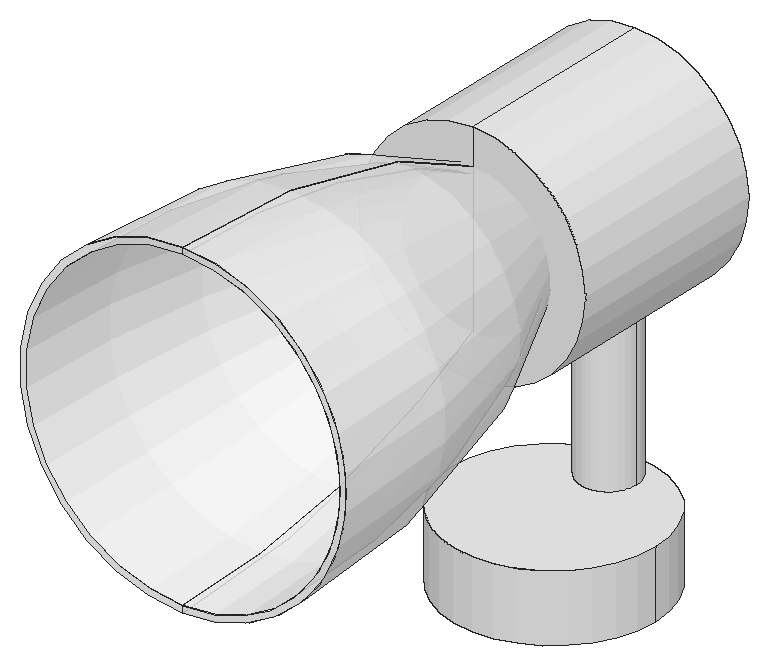
Revit family "Lighting_Wall-Mounted_Zero_Droppen_Wall", category Lighting Fixtures, host Face, Revit 2020
Family settings
  Host = Face
  Round Connector Dimension = Use Diameter
  Part Type = Normal
  OmniClass Number = 23.80.70.00
  OmniClass Title = Lighting
  Cut with Voids When Loaded = No
  Light Source = Yes
  Shared = No
  Room Calculation Point = No
Parameters (values of type "LED 8W Opal")
  Youtube clip = ""
  Weight Net (Kg) = "1.2"
  Wattage = 2.92847 W
  WarrantyStartDate [instance] = "n/a"
  WarrantyGuarantorParts = "n/a"
  WarrantyGuarantorLabor = "n/a"
  WarrantyDurationUnit = "Year"
  WarrantyDurationParts = "n/a"
  WarrantyDurationLabor = "n/a"
  WarrantyDescription = "n/a"
  built-in parameter 1150110 = 1 (stored number, unit not read)
  VersionDate = "31/08/2023"  # constant formula
  Version = "3"  # constant formula
  UsageCurrent = 0 A
  Uniformat II Description = ""
  Uniformat II Code = ""
  Uniclass2015Reference = "Pr_70_70_48_85"
  Uniclass2015Description = "Surface luminaires"
  Uniclass2 = "Pr_70_70_49"
  Uniclass 2015 Name = ""
  Uniclass 2015 Code = ""
  Uniclass 2.0 Description = ""
  Uniclass 2.0 Code = ""
  Uniclass 1.4 Description = ""
  Uniclass 1.4 Code = ""
  URL = "https://www.zerolighting.com/droppen-utomva"
  UNSPSC Code = ""
  TotalWattage = 8 W
  built-in parameter 1114217 = 1 (stored number, unit not read)
  Tilt Angle = 0.00°
  built-in parameter 1150109 = 1 (stored number, unit not read)
  built-in parameter 1150134 = (empty or 0)
  Technical description = ""
  TagNumber [instance] = "n/a"
  SustainabilityPerformance = "n/a"
  built-in parameter 1150113 = 1 (stored number, unit not read)
  Size = "145x250x200 mm"
  Shape = "Sculptured"
  SerialNumber [instance] = "n/a"
  Revision = "5"  # constant formula
  ReplacementCost = "n/a"
  Region South America = "None"
  Region Oceania = "AU, NZ"
  Region North America = "BZ, CR, GT, HN, MX, NI, PA, SV, US"
  Region Middle East = "AE"
  Region Europe = "AD, AL, AT, AX, BA, BE, BG, BY, CH, CY, CZ, DE, DK, EE, ES, FI, FO, FR, GB, GG, GI, GR, HR, HU, IE, IM, IS, IT, JE, LI, LT, LU, LV, MC, MD, ME, MK, MT, NL, NO, PL, PT, RO, RS, RU, SE, SI, SJ, SK, SM, UA, VA"
  Region Asia = "HK, JP, SG"
  Region Antarctica = "None"
  Region Africa = "None"
  ProductInformation = "On wall Die casted aluminium. Shade in clear or opal glass. Incandescent models have an open shade. Terminal block 3x4mm². Distance-piece for external mains cable available as accessory. Not suitable for installation where lights may be exposed to corrosion by sea water and sea air."
  Product group = "Wall fixture"
  Product family = "Droppen"
  Product certification = ""
  Product SKU = "Droppen_wall_fixture"
  Product Guid = "e23d1936-77bc-4e7b-9dca-43e9a3b09d61"
  Photometric Web File = "Droppen4223-1.IES"
  PhaseReference = "n/a"
  PhaseAngle = 0.00°
  OmniClass Description = ""
  OmniClass Code = ""
  NumberOfSources = 0
  NumberOfPoles = 1
  NominalVoltageCalc = 0 V
  NominalVoltage = 230 V
  NominalLength = 145 mm
  NominalFrequencyRange = 50 Hz
  NominalCurrent = 0 A
  Nominal width = 145 mm
  Nominal height = 250 mm
  Name = "Zero_Droppen_Wall"  # constant formula
  NBSReference = "90-60-50/405"
  NBSDescription = "General purpose luminaires"
  NBS Reference Description = ""
  NBS Reference Code = ""
  Model = "Droppen LED 8W Opal"
  Material secondary = "Glass"
  Material main = "Aluminium"
  Masterformat 2014 Description = ""
  Masterformat 2014 Code = ""
  Manufacturer name = "ZERO"
  Manufacturer country = "Sweden"
  Manufacturer = "Zero"
  ModelReference = "n/a"
  ModelNumber = "4223-1-85"
  Material = "Aluminum"
  ManufacturersSpecificInformation = "n/a"
  ManufacturerURL = "https://www.zerolighting.com/"
  ManufacturerName = "Zero"
  MaintenanceFactor = 0
  built-in parameter 1150105 = 49.79 (stored number, unit not read)
  Lumens = 435 lm
  built-in parameter 1150115 = 1 (stored number, unit not read)
  LightFixturePlacingType = "Wall"
  LightFixtureMountingType = "Surface"
  LightFixtureMainMaterial = Aluminum
  built-in parameter 1150137 = (empty or 0)
  built-in parameter 1150139 = (empty or 0)
  LensMaterial = Opal Glass
  built-in parameter 1150112 = 1 (stored number, unit not read)
  built-in parameter 1150114 = 1 (stored number, unit not read)
  InsulationStandardClass = "n/a"
  InstallationDate [instance] = "n/a"
  Installation instructions = ""
  built-in parameter 1150132 = 2
  built-in parameter 1150102 = (empty or 0)
  built-in parameter 1150107 = 3000 (stored number, unit not read)
  built-in parameter 1150138 = (empty or 0)
  built-in parameter 1150106 = 0.4979 (stored number, unit not read)
  IfcExportType = "NOTDEFINED"  # constant formula
  IfcExportAs = "IfcLightFixtureType"  # constant formula
  IP_Code = "IP23"
  IFC Classification = ""
  HasProtectiveEarth = yes
  Grade = "n/a"
  GTIN code = ""
  Finish = "Diecasted aluminum"
  Features = "Terminal block 3x4mm2"
  ExpectedLife = "n/a"
  Emit from Circle Diameter = 609.6 mm
  Emit Shape Visible in Rendering = no
  ElectricalDeviceNominalPower = 0
  built-in parameter 1150104 = 13.8 (stored number, unit not read)
  Edition number = 1
  EANNumber = "n/a"
  DurationUnit = "Year"
  Dimming Lamp Color Temperature Shift = <None>
  Dimming = "None"
  Designer = "Thomas Sandell"
  Design country = "Sweden"
  Default Elevation = 0 mm
  Date of publishing = ""
  Constituents = "n/a"
  Color Filter = 16777215
  Color = "Metallic"
  Collection = "Droppen"
  CodePerformance = "n/a"
  Category = "Wall"
  COBIe Type Category = ""
  Brand url = "http://www.zero.se"
  Brand = "Zero"
  Barcode [instance] = "n/a"
  built-in parameter 1114218 = 1 (stored number, unit not read)
  BIMObjectName = "Lighting_Wall-Mounted_Zero_Droppen_Wall"  # constant formula
  Author = "BIMstone"  # constant formula
  built-in parameter 1150133 = 10 (stored number, unit not read)
  AssetType = "Fixed"
  AssetIdentifier [instance] = "n/a"
  ArticleNumber = "4223-1-85"
  Accessories = "Distance-piece for external mains cable (94140-1-85)"
  AccessibilityPerformance = "n/a"
Types (3, lengths in mm): name | TotalWattage | Model | ModelNumber | LensMaterial | ArticleNumber
  E27/max 53W Opal | 9 W | "Droppen E27/max 53W Opal" | "4220-1-85" | Opal Glass | "4220-1-85"
  E27/max 53W Clear | 9 W | "Droppen E27/max 53W Clear glass" | "4120-1-85" | Clear Glass | "4120-1-85"
  LED 8W Opal | 8 W | "Droppen LED 8W Opal" | "4223-1-85" | Opal Glass | "4223-1-85"
Reference planes
  plane 1 "Center (Front/Back)": y = 0
  plane 2: z = 0
  plane 3 "Center (Left/Right)": x = 0
  plane 4: y = 125
  plane 5: y = -125
  plane 6: x = -72.5
  plane 7: x = 72.5
  plane 8: z = 222.5
Forms (mm)
  Extrusion 1, solid, material "Aluminum" <- "LightFixtureMainMaterial", detail levels coarse
    sketch origin (0, 0, 0) x (0, 1, 0) y (0, 0, 1)
      loop
        line (125, 222.5) -> (-125, 222.5) -> (-125, 0) -> (125, 0) -> (125, 222.5)
    from -72.5 to 72.5
Dimensions and locks
  equal spacing: plane 4, plane 1 "Center (Front/Back)", plane 5
  plane 4 to plane 5 = 250 mm
  equal spacing: plane 6, plane 3 "Center (Left/Right)", plane 7
  "NominalLength": plane 6 to plane 7
  plane 8 to host face = 222.5 mm
  aligned and locked: plane 2 to host face
  aligned and locked: level to host face
  aligned and locked: plane 8 to Extrusion 1 sketch curve
  aligned and locked: Extrusion 1 sketch curve to level
  aligned and locked: Extrusion 1 to plane 6
  aligned and locked: plane 7 to Extrusion 1
  aligned and locked: plane 4 to Extrusion 1
  aligned and locked: Extrusion 1 to plane 5
  aligned and locked: Extrusion 1 to host face
Automatic sketch dimensions
  host sketch curve to host sketch curve = 2438.4 mm  (x2)
  plane 5 to Extrusion 1 sketch curve = 0 mm
  Extrusion 1 sketch curve to plane 4 = 0 mm
Nested families
  nested 1: "droppen" at (0, 0, 0), Lens <- "LensMaterial", Main <- "LightFixtureMainMaterial", type "droppen"
    with Main Aluminum, Lens Opal Glass
Connectors
  electrical at (0, 0, 0), driven by "NominalVoltage"
    settings: on Extrusion 1, index 1, voltage 230 V, apparent load 0 VA, apparent load phase1 0 VA, apparent load phase2 0 VA, apparent load phase3 0 VA, power factor 1, load classification "Other", number of poles 1, system type 31, power factor state 1, is connector primary yes, connector utility no, sub classification motor no, connector description ""
Definition of nested family "droppen"
  Parameters (values of type "droppen")
    Main [instance] = none
    Lens [instance] = none
    Default Elevation = 0 mm
  Reference planes
    plane 1 "Center (Front/Back)": y = 0
    plane 2: z = 0
    plane 3 "Center (Left/Right)": x = 0
    plane 4: y = 125
    plane 5: x = -72.5
    plane 6: x = 72.5
    plane 7: y = -125
    plane 8: z = 222.5
  Forms (mm)
    Extrusion 1, solid, material <- "Main", detail levels medium+fine
      sketch origin (0, 0, 0) x (1, 0, 0) y (0, 1, 0)
        loop
          circle (0, 80) r 45
      from 0 to 29.623
    Extrusion 2, solid, material <- "Main", detail levels medium+fine
      sketch origin (0, 0, 0) x (1, 0, 0) y (0, 1, 0)
        loop
          circle (0, 110.084) r 12.5
      from 23.739 to 103.995
    Revolve 3, solid, material <- "Main", detail levels medium+fine
      sketch origin (0, 0, 0) x (0, 1, 0) y (0, 0, 1)
        loop
          line (125, 200) -> (34.928, 200) -> (34.928, 150) -> (125, 150) -> (125, 200)
        axis (125, 150) -> (34.928, 150)
      angle from 0 to 360
    Revolve 4, solid, material <- "Lens", detail levels medium+fine
      sketch origin (0, 0, -2.5) x (0, 1, 0) y (0, 0, 1)
        loop
          line (55.779, 152.5) -> (55.779, 176.959)
          spline (55.779, 176.959) -> (39.994, 186.058) -> (24.476, 193.994) -> (9.183, 200.84) -> (-5.924, 206.664) -> (-20.888, 211.539) -> (-35.747, 215.534) -> (-50.544, 218.721) -> (-65.317, 221.17) -> (-80.109, 222.952) -> (-94.96, 224.137) -> (-109.91, 224.796) -> (-125, 225)
          line (-125, 225) -> (-125, 222.009)
          spline (-125, 222.009) -> (-110.162, 221.787) -> (-95.466, 221.112) -> (-80.872, 219.918) -> (-66.338, 218.137) -> (-51.823, 215.705) -> (-37.284, 212.555) -> (-22.681, 208.621) -> (-7.971, 203.834) -> (6.887, 198.126) -> (21.937, 191.428) -> (37.22, 183.672) -> (52.779, 174.789)
          line (52.779, 174.789) -> (52.779, 152.5) -> (55.779, 152.5)
        axis (55.779, 152.5) -> (-125, 152.5)
      angle from 0 to 360
  Cuts and joins
    joined: Extrusion 1, Extrusion 2, Revolve 3
  Lines and regions (mm)
    symbolic lines, detail levels medium+fine
      curve 1: line (0, 34.928, 200) -> (0, 34.928, 186.049)
      curve 2: line (0, 125, 29.623) -> (0, 122.584, 29.623)
      curve 3: line (0, 35, 0) -> (0, 125, 0)
      curve 4: line (0, -125, 222.5) -> (0, -125, 77.5)
      curve 5: line (0, 125, 200) -> (0, 125, 100)
      curve 6: line (0, 125, 200) -> (0, 34.928, 200)
      curve 7: line (0, 34.928, 100) -> (0, 97.584, 100)
      curve 8: line (0, 125, 100) -> (0, 122.584, 100)
      curve 10: line (0, 122.584, 100) -> (0, 122.584, 29.623)
      curve 11: line (0, 97.584, 100) -> (0, 97.584, 29.623)
      curve 12: line (0, 35, 29.623) -> (0, 35, 0)
      curve 13: line (0, 125, 29.623) -> (0, 125, 0)
      curve 15: line (0, 97.584, 29.623) -> (0, 35, 29.623)
      curve 16: line (0, -125, 222.5) -> (0, 34.928, 186.049)
      curve 17: line (0, -125, 77.5) -> (0, 34.928, 113.951)
      curve 19: line (0, 34.928, 113.951) -> (0, 34.928, 100)
      curve 20: line (45, 0, 29.623) -> (12.5, 0, 29.623)
      curve 21: line (-45, 0, 0) -> (45, 0, 0)
      curve 25: arc (0, 0, 222.5) -> (72.228, 0, 156.274) -> (12.5, 0, 78.586) r 72.5
      curve 26: line (-12.5, 0, 29.623) -> (-12.5, 0, 78.586)
      curve 27: line (12.5, 0, 29.623) -> (12.5, 0, 78.586)
      curve 28: line (45, 0, 29.623) -> (45, 0, 0)
      curve 29: line (-45, 0, 29.623) -> (-45, 0, 0)
      curve 30: line (-12.5, 0, 29.623) -> (-45, 0, 29.623)
      curve 32: arc (-12.5, 0, 78.586) -> (-72.228, 0, 156.274) -> (0, 0, 222.5) r 72.5
      curve 34: line (-50, 125, 0) -> (0, 125, 0)
      curve 35: line (0, 125, 0) -> (50, 125, 0)
      curve 37: line (-50, 34.928, 0) -> (-35.578, 34.928, 0)
      curve 38: line (-72.5, -125, 0) -> (0, -125, 0)
      curve 39: line (0, -125, 0) -> (72.5, -125, 0)
      curve 40: line (-50, 125, 0) -> (-50, 34.928, 0)
      curve 41: line (50, 125, 0) -> (50, 34.928, 0)
      curve 42: line (-72.5, -125, 0) -> (-35.578, 34.928, 0)
      curve 43: line (72.5, -125, 0) -> (35.578, 34.928, 0)
      curve 45: line (35.578, 34.928, 0) -> (50, 34.928, 0)
    symbolic lines, detail levels fine
      curve 9: arc (0, 122.584, 100) -> (0, 110.084, 101.596) -> (0, 97.584, 100) r 49.746
      curve 14: line (0, 122.584, 29.623) -> (0, 97.584, 29.623)
      curve 18: line (0, 34.928, 186.049) -> (0, 34.928, 113.951)
      curve 22: arc (0, 0, 219.509) -> (-69.509, 0, 150) -> (0, 0, 80.491) r 69.509
      curve 23: arc (0, 0, 77.5) -> (-6.274, 0, 77.772) -> (-12.5, 0, 78.586) r 72.5
      curve 24: arc (0, 0, 80.491) -> (69.509, 0, 150) -> (0, 0, 219.509) r 69.509
      curve 31: line (12.5, 0, 29.623) -> (-12.5, 0, 29.623)
      curve 33: arc (12.5, 0, 78.586) -> (6.274, 0, 77.772) -> (0, 0, 77.5) r 72.5
      curve 36: line (0, 34.928, 0) -> (35.578, 34.928, 0)
      curve 44: line (-35.578, 34.928, 0) -> (0, 34.928, 0)
  Dimensions and locks
    equal spacing: plane 4, plane 1 "Center (Front/Back)", plane 7
    plane 4 to plane 7 = 250 mm
    equal spacing: plane 5, plane 3 "Center (Left/Right)", plane 6
    plane 5 to plane 6 = 145 mm
    level to plane 8 = 222.5 mm
    aligned and locked: level to plane 2
    aligned and locked: cut or joined group of Extrusion 1, Extrusion 2, Revolve 3 to curve 1
    aligned and locked: curve 2 to cut or joined group of Extrusion 1, Extrusion 2, Revolve 3
    aligned and locked: curve 3 to cut or joined group of Extrusion 1, Extrusion 2, Revolve 3
    aligned and locked: curve 4 to Revolve 4
    aligned and locked: cut or joined group of Extrusion 1, Extrusion 2, Revolve 3 to curve 5
    aligned and locked: curve 20 to cut or joined group of Extrusion 1, Extrusion 2, Revolve 3
    aligned and locked: curve 21 to cut or joined group of Extrusion 1, Extrusion 2, Revolve 3
    aligned and locked: curve 22 to Revolve 4
    aligned and locked: curve 23 to Revolve 4
    aligned and locked: curve 24 to Revolve 4
    aligned and locked: curve 25 to Revolve 4
    aligned and locked: curve 34 to cut or joined group of Extrusion 1, Extrusion 2, Revolve 3
    aligned and locked: curve 35 to cut or joined group of Extrusion 1, Extrusion 2, Revolve 3
    aligned and locked: curve 36 to cut or joined group of Extrusion 1, Extrusion 2, Revolve 3
    aligned and locked: curve 37 to cut or joined group of Extrusion 1, Extrusion 2, Revolve 3
    aligned and locked: curve 38 to Revolve 4
    aligned and locked: curve 39 to Revolve 4
  Automatic sketch dimensions
    curve 16 to plane 7 = 0 mm
    curve 3 to plane 4 = 0 mm
    plane 8 to curve 4 = 0 mm
    curve 15 to plane 1 "Center (Front/Back)" = 35 mm
    curve 14 to plane 4 = 27.416 mm
    curve 9 to plane 4 = 14.916 mm
    curve 14 to plane 4 = 2.416 mm
    curve 11 to curve 9 = 22.227 mm
    level to curve 4 = 77.5 mm
    curve 9 to curve 8 = 48.15 mm
    curve 7 to curve 17 = 13.951 mm
    plane 8 to curve 16 = 36.451 mm
    plane 8 to curve 6 = 22.5 mm
    curve 21 to level = 0 mm
    curve 26 to plane 3 "Center (Left/Right)" = 12.5 mm
    plane 5 to curve 29 = 27.5 mm
    plane 3 "Center (Left/Right)" to curve 20 = 12.5 mm
    curve 28 to plane 6 = 27.5 mm
    level to curve 20 = 29.623 mm
    curve 38 to plane 5 = 0 mm
    curve 34 to plane 4 = 0 mm
    curve 35 to plane 3 "Center (Left/Right)" = 0 mm
    curve 38 to plane 3 "Center (Left/Right)" = 0 mm
    curve 44 to plane 3 "Center (Left/Right)" = 0 mm
    curve 43 to plane 6 = 0 mm
    curve 39 to plane 7 = 0 mm
    plane 5 to curve 37 = 22.5 mm
    curve 41 to plane 6 = 22.5 mm
    curve 44 to plane 1 "Center (Front/Back)" = 34.928 mm
    curve 37 to curve 42 = 14.422 mm
    curve 43 to curve 45 = 14.422 mm
    Extrusion 1 sketch curve to plane 3 "Center (Left/Right)" = 0 mm
    Extrusion 1 sketch curve to plane 4 = 45 mm
    Extrusion 2 sketch curve to plane 3 "Center (Left/Right)" = 0 mm
    Extrusion 2 sketch curve to plane 4 = 14.916 mm
    Revolve 3 sketch curve to plane 4 = 0 mm  (x2)
    Revolve 3 sketch curve to plane 1 "Center (Front/Back)" = 34.928 mm
    plane 8 to Revolve 3 sketch curve = 72.5 mm
    plane 8 to Revolve 3 sketch curve = 22.5 mm
    Revolve 3 sketch curve to Revolve 3 sketch curve = 0 mm  (x2)
    Revolve 4 sketch curve to plane 7 = 0 mm  (x2)
    plane 8 to Revolve 4 sketch curve = 0 mm
    Revolve 4 sketch curve to plane 1 "Center (Front/Back)" = 52.779 mm
    Revolve 4 sketch curve to Revolve 4 sketch curve = 3 mm
    Revolve 4 sketch curve to Revolve 4 sketch curve = 2.991 mm
    plane 8 to Revolve 4 sketch curve = 48.041 mm
    Revolve 4 sketch curve to Revolve 4 sketch curve = 2.17 mm
    Revolve 4 sketch curve to Revolve 4 sketch curve = 22.289 mm
    Revolve 4 sketch curve to Revolve 4 sketch curve = 14 mm
    Revolve 4 sketch curve to Revolve 4 sketch curve = 0 mm
    radius of Extrusion 1 sketch curve = 45 mm
    radius of Extrusion 2 sketch curve = 12.5 mm
